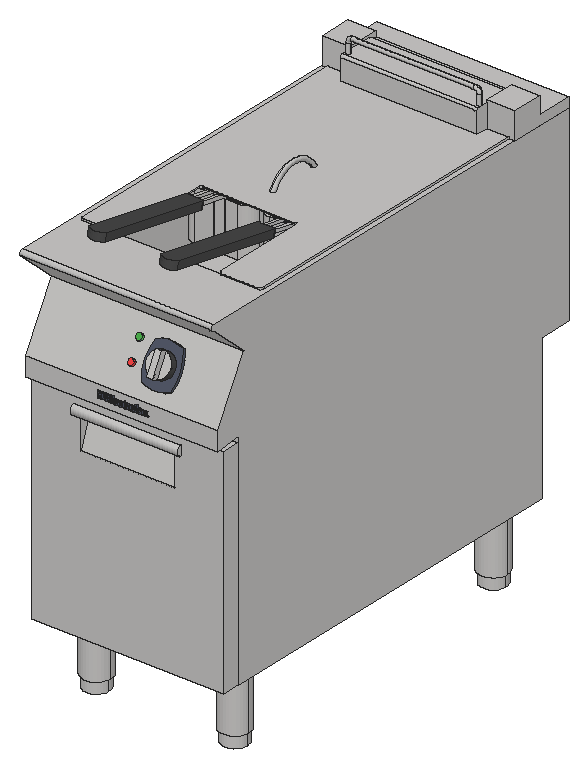
Revit family "QF_ELECTROLUXPROFESSIONAL_391178_E9FRED1HFN", category Specialty Equipment, Revit 2018 (continued)
Automatic sketch dimensions
  Extrusion 31 sketch curve to Extrusion 31 sketch curve = 0.486 mm
  Extrusion 31 sketch curve to Extrusion 31 sketch curve = 0.266 mm
  Extrusion 31 sketch curve to Extrusion 31 sketch curve = 1.547 mm
  Extrusion 31 sketch curve to Extrusion 31 sketch curve = 0.717 mm  (x2)
  Extrusion 31 sketch curve to Extrusion 31 sketch curve = 1.667 mm
  Extrusion 31 sketch curve to Extrusion 31 sketch curve = 3.174 mm
  Extrusion 31 sketch curve to Extrusion 31 sketch curve = 0.388 mm
  Extrusion 31 sketch curve to Extrusion 31 sketch curve = 1.342 mm
  Extrusion 31 sketch curve to Extrusion 31 sketch curve = 1.521 mm
  Extrusion 31 sketch curve to Extrusion 31 sketch curve = 0.124 mm
  Extrusion 31 sketch curve to Extrusion 31 sketch curve = 0.291 mm
  Extrusion 31 sketch curve to Extrusion 31 sketch curve = 1.049 mm  (x2)
  Extrusion 31 sketch curve to Extrusion 31 sketch curve = 1.7 mm
  Extrusion 31 sketch curve to Extrusion 31 sketch curve = 0.894 mm
  Extrusion 31 sketch curve to Extrusion 31 sketch curve = 0.989 mm
  Extrusion 31 sketch curve to Extrusion 31 sketch curve = 1.168 mm
  Extrusion 31 sketch curve to Extrusion 31 sketch curve = 1.594 mm
  Extrusion 31 sketch curve to Extrusion 31 sketch curve = 0.731 mm
  Extrusion 31 sketch curve to Extrusion 31 sketch curve = 1.566 mm
  Extrusion 31 sketch curve to Extrusion 31 sketch curve = 0.064 mm
  Extrusion 31 sketch curve to Extrusion 31 sketch curve = 0.556 mm  (x2)
  Extrusion 31 sketch curve to Extrusion 31 sketch curve = 0.48 mm
  Extrusion 31 sketch curve to Extrusion 31 sketch curve = 1.018 mm
  Extrusion 31 sketch curve to Extrusion 31 sketch curve = 0.787 mm
  Extrusion 31 sketch curve to Extrusion 31 sketch curve = 0.618 mm
  Extrusion 31 sketch curve to Extrusion 31 sketch curve = 1.672 mm
  Extrusion 31 sketch curve to Extrusion 31 sketch curve = 1.361 mm
  Extrusion 31 sketch curve to Extrusion 31 sketch curve = 0.822 mm
  Extrusion 31 sketch curve to Extrusion 31 sketch curve = 0.069 mm
  Extrusion 31 sketch curve to Extrusion 31 sketch curve = 1.88 mm
  Extrusion 31 sketch curve to Extrusion 31 sketch curve = 0.42 mm
  Extrusion 31 sketch curve to Extrusion 31 sketch curve = 0.062 mm
  Extrusion 31 sketch curve to Extrusion 31 sketch curve = 1.355 mm
  Extrusion 31 sketch curve to Extrusion 31 sketch curve = 2.34 mm
  Extrusion 31 sketch curve to Extrusion 31 sketch curve = 0.493 mm
  Extrusion 31 sketch curve to Extrusion 31 sketch curve = 0.136 mm
  Extrusion 31 sketch curve to Extrusion 31 sketch curve = 0.128 mm
  Extrusion 31 sketch curve to Extrusion 31 sketch curve = 3.616 mm
  Extrusion 31 sketch curve to Extrusion 31 sketch curve = 4.207 mm
  Extrusion 31 sketch curve to Extrusion 31 sketch curve = 0.183 mm
  Extrusion 31 sketch curve to Extrusion 31 sketch curve = 0.895 mm
  Extrusion 31 sketch curve to Extrusion 31 sketch curve = 1.314 mm
  Extrusion 31 sketch curve to Extrusion 31 sketch curve = 3.231 mm
  Extrusion 31 sketch curve to Extrusion 31 sketch curve = 1.299 mm
  Extrusion 31 sketch curve to Extrusion 31 sketch curve = 1.214 mm
  Extrusion 31 sketch curve to Extrusion 31 sketch curve = 1.264 mm
  Extrusion 31 sketch curve to Extrusion 31 sketch curve = 0.109 mm
  Extrusion 31 sketch curve to Extrusion 31 sketch curve = 0.357 mm
  Extrusion 31 sketch curve to Extrusion 31 sketch curve = 0.565 mm
  Extrusion 31 sketch curve to Extrusion 31 sketch curve = 2.504 mm
  Extrusion 31 sketch curve to Extrusion 31 sketch curve = 2.459 mm
  Extrusion 1 to Extrusion 31 sketch curve = 144.64 mm
  Extrusion 31 sketch curve to Extrusion 31 sketch curve = 0.208 mm
  Extrusion 31 sketch curve to Extrusion 31 sketch curve = 0.468 mm  (x2)
  Extrusion 31 sketch curve to Extrusion 31 sketch curve = 1.559 mm
  Extrusion 31 sketch curve to Extrusion 31 sketch curve = 0.422 mm  (x2)
  Extrusion 31 sketch curve to Extrusion 31 sketch curve = 0.494 mm
  Extrusion 31 sketch curve to Extrusion 31 sketch curve = 3.927 mm
  Extrusion 31 sketch curve to Extrusion 31 sketch curve = 0.782 mm
  Extrusion 31 sketch curve to Extrusion 31 sketch curve = 1.268 mm
  Extrusion 31 sketch curve to Extrusion 31 sketch curve = 0.671 mm
  Extrusion 31 sketch curve to Extrusion 31 sketch curve = 0.777 mm
  Extrusion 31 sketch curve to Extrusion 31 sketch curve = 0.704 mm
  Extrusion 31 sketch curve to Extrusion 31 sketch curve = 0.781 mm  (x2)
  Extrusion 31 sketch curve to Extrusion 31 sketch curve = 1.634 mm
  Extrusion 31 sketch curve to Extrusion 31 sketch curve = 0.132 mm
  Extrusion 31 sketch curve to Extrusion 31 sketch curve = 3.136 mm
  Extrusion 31 sketch curve to Extrusion 31 sketch curve = 2.422 mm
  Extrusion 31 sketch curve to Extrusion 31 sketch curve = 0.586 mm
  Extrusion 31 sketch curve to Extrusion 31 sketch curve = 2.046 mm  (x2)
  Extrusion 31 sketch curve to Extrusion 31 sketch curve = 1.241 mm
  Extrusion 31 sketch curve to Extrusion 31 sketch curve = 1.689 mm
  Extrusion 31 sketch curve to Extrusion 31 sketch curve = 2.859 mm
  Extrusion 31 sketch curve to Extrusion 31 sketch curve = 0.627 mm
  Extrusion 31 sketch curve to Extrusion 31 sketch curve = 0.863 mm
  Extrusion 31 sketch curve to Extrusion 31 sketch curve = 0.419 mm
  Extrusion 31 sketch curve to Extrusion 31 sketch curve = 1.514 mm
  Extrusion 31 sketch curve to Extrusion 31 sketch curve = 1.019 mm
  Extrusion 31 sketch curve to Extrusion 31 sketch curve = 0.065 mm
  Extrusion 31 sketch curve to Extrusion 31 sketch curve = 1.215 mm
  Extrusion 31 sketch curve to Extrusion 31 sketch curve = 2.708 mm
  Extrusion 31 sketch curve to Extrusion 31 sketch curve = 1.122 mm
  Extrusion 31 sketch curve to Extrusion 31 sketch curve = 1.153 mm
  Extrusion 31 sketch curve to Extrusion 31 sketch curve = 3.009 mm
  Extrusion 31 sketch curve to Extrusion 31 sketch curve = 0.829 mm  (x2)
  Extrusion 31 sketch curve to Extrusion 31 sketch curve = 0.934 mm
  Extrusion 31 sketch curve to Extrusion 31 sketch curve = 3.376 mm
  Extrusion 31 sketch curve to Extrusion 31 sketch curve = 0.222 mm
  Extrusion 31 sketch curve to Extrusion 31 sketch curve = 1.383 mm
  Extrusion 31 sketch curve to Extrusion 31 sketch curve = 1.556 mm
  Extrusion 31 sketch curve to Extrusion 31 sketch curve = 2.559 mm
  Extrusion 31 sketch curve to Extrusion 31 sketch curve = 2.51 mm
  Extrusion 31 sketch curve to Extrusion 31 sketch curve = 0.131 mm
  Extrusion 31 sketch curve to Extrusion 31 sketch curve = 1.717 mm
  Extrusion 31 sketch curve to Extrusion 31 sketch curve = 1.134 mm
  Extrusion 31 sketch curve to Extrusion 31 sketch curve = 0.366 mm
  Extrusion 31 sketch curve to Extrusion 31 sketch curve = 0.094 mm
  Extrusion 31 sketch curve to Extrusion 31 sketch curve = 1.584 mm
  Extrusion 31 sketch curve to Extrusion 31 sketch curve = 1.501 mm
  Extrusion 31 sketch curve to Extrusion 31 sketch curve = 0.27 mm
  Extrusion 31 sketch curve to Extrusion 31 sketch curve = 1.808 mm
  Extrusion 31 sketch curve to Extrusion 31 sketch curve = 0.643 mm
  Extrusion 31 sketch curve to Extrusion 31 sketch curve = 0.916 mm
  Extrusion 31 sketch curve to Extrusion 31 sketch curve = 0.352 mm
  Extrusion 31 sketch curve to Extrusion 31 sketch curve = 0.458 mm
  Extrusion 31 sketch curve to Extrusion 31 sketch curve = 1.282 mm
  Extrusion 31 sketch curve to Extrusion 31 sketch curve = 1.363 mm
  Extrusion 31 sketch curve to Extrusion 31 sketch curve = 0.685 mm
  Extrusion 31 sketch curve to Extrusion 31 sketch curve = 0.905 mm
  Extrusion 31 sketch curve to Extrusion 31 sketch curve = 2.865 mm
  Extrusion 31 sketch curve to Extrusion 31 sketch curve = 0.472 mm
  Extrusion 31 sketch curve to Extrusion 31 sketch curve = 0.101 mm
  Extrusion 31 sketch curve to Extrusion 31 sketch curve = 0.54 mm
  Extrusion 31 sketch curve to Extrusion 31 sketch curve = 0.02 mm
  Extrusion 31 sketch curve to Extrusion 31 sketch curve = 0.582 mm
  Extrusion 31 sketch curve to Extrusion 31 sketch curve = 0.166 mm
  Extrusion 31 sketch curve to Extrusion 31 sketch curve = 0.16 mm
  Extrusion 31 sketch curve to Extrusion 31 sketch curve = 2.781 mm
  Extrusion 31 sketch curve to Extrusion 31 sketch curve = 1.118 mm
  Extrusion 31 sketch curve to Extrusion 31 sketch curve = 0.613 mm
  Extrusion 31 sketch curve to Extrusion 31 sketch curve = 0.361 mm
  Extrusion 31 sketch curve to Extrusion 31 sketch curve = 0.897 mm
  Extrusion 31 sketch curve to Extrusion 31 sketch curve = 0.167 mm
  Extrusion 31 sketch curve to Extrusion 31 sketch curve = 0.292 mm
  Extrusion 31 sketch curve to Extrusion 31 sketch curve = 0.305 mm
  Extrusion 31 sketch curve to Extrusion 31 sketch curve = 1.557 mm
  Extrusion 31 sketch curve to Extrusion 31 sketch curve = 2.499 mm
  Extrusion 31 sketch curve to Extrusion 31 sketch curve = 3.062 mm
  Extrusion 31 sketch curve to Extrusion 31 sketch curve = 2.968 mm
  Extrusion 31 sketch curve to Extrusion 31 sketch curve = 5.044 mm
  Extrusion 31 sketch curve to Extrusion 31 sketch curve = 0.629 mm  (x2)
  Extrusion 31 sketch curve to Extrusion 31 sketch curve = 1.131 mm
  Extrusion 31 sketch curve to Extrusion 31 sketch curve = 0.137 mm
  Extrusion 31 sketch curve to Extrusion 31 sketch curve = 0.027 mm
  Extrusion 31 sketch curve to Extrusion 31 sketch curve = 2.235 mm
  plane 13 to Extrusion 1 sketch curve = 46.919 mm
  plane 13 to Extrusion 1 sketch curve = 60.15 mm
  Extrusion 1 sketch curve to Extrusion 1 sketch curve = 1.588 mm
  Extrusion 1 sketch curve to plane 5 "FRONT" = 30 mm
  Extrusion 1 sketch curve to plane 5 "FRONT" = 16.478 mm
  Extrusion 1 sketch curve to plane 5 "FRONT" = 6.35 mm
  Extrusion 1 sketch curve to plane 5 "FRONT" = 1.86 mm
  radius of Sweep 4 sketch curve = 4.353 mm
  radius of Sweep 5 sketch curve = 3.827 mm
  radius of Extrusion 7 sketch curve = 25.4 mm
  radius of Extrusion 8 sketch curve to Extrusion 7 = 0 mm  (x2)
  radius of Extrusion 9 sketch curve = 6.35 mm
  radius of Extrusion 10 sketch curve = 6.35 mm
  radius of Extrusion 17 sketch curve = 12.7 mm
Connectors
  electrical at (344, -650, 135), driven by "Volts", driven by "Watts"
    settings: on Extrusion 17, index 1, voltage 230 V, apparent load 0 VA, apparent load phase1 0 VA, apparent load phase2 0 VA, apparent load phase3 0 VA, power factor 1, load classification "Other", number of poles 1, system type 30, power factor state 1, is connector primary yes, connector utility no, sub classification motor no, connector description "ELECTRICAL CONNECTION"
